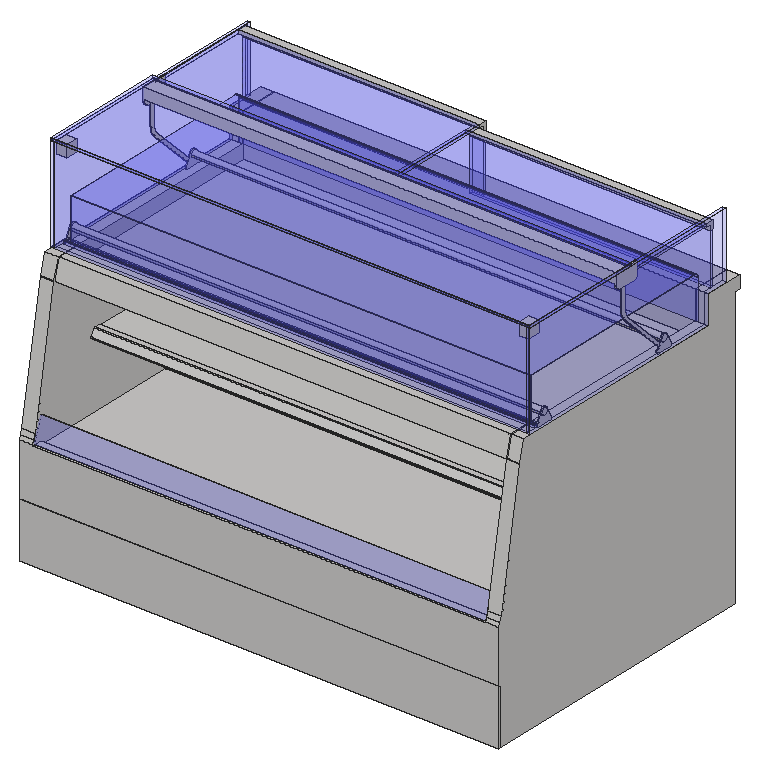
Revit family "Food-Service-Equipment_Oscartek_Gem_Combi-1500Rt_cat", category Specialty Equipment, Revit 2026 (continued)
Automatic sketch dimensions
  Split face 97 sketch curve to Split face 97 sketch curve = 0.33675"  (x2)
  Split face 97 sketch curve to Split face 97 sketch curve = 0.01365"
  Split face 97 sketch curve to Extrusion 2 = 5.77922"
  Split face 97 sketch curve to Split face 97 sketch curve = 0.05071"
  Split face 97 sketch curve to Split face 97 sketch curve = 0.4014"
  Split face 97 sketch curve to Split face 97 sketch curve = 0.8706"
  Split face 97 sketch curve to Split face 97 sketch curve = 0.38203"
  Split face 97 sketch curve to Split face 97 sketch curve = 0.01937"
  Split face 98 sketch curve to Extrusion 2 = 3.28595"
  Split face 98 sketch curve to Split face 98 sketch curve = 0"
  Split face 98 sketch curve to Split face 98 sketch curve = 0.05555"
  Split face 98 sketch curve to Split face 98 sketch curve = 0.09841"  (x2)
  Split face 98 sketch curve to Split face 98 sketch curve = 0.06735"  (x2)
  Split face 98 sketch curve to Split face 98 sketch curve = 0.33675"  (x2)
  Split face 98 sketch curve to Split face 98 sketch curve = 0.01365"
  Split face 98 sketch curve to Extrusion 2 = 5.77922"
  Split face 98 sketch curve to Split face 98 sketch curve = 0.05071"
  Split face 98 sketch curve to Split face 98 sketch curve = 0.4014"
  Split face 98 sketch curve to Split face 98 sketch curve = 0.8706"
  Split face 98 sketch curve to Split face 98 sketch curve = 0.38203"
  Split face 98 sketch curve to Split face 98 sketch curve = 0.01937"
  Split face 99 sketch curve to Extrusion 2 = 2.28595"
  Split face 99 sketch curve to Split face 99 sketch curve = 0"
  Split face 99 sketch curve to Split face 99 sketch curve = 0.05555"
  Split face 99 sketch curve to Split face 99 sketch curve = 0.09841"  (x2)
  Split face 99 sketch curve to Split face 99 sketch curve = 0.06735"  (x2)
  Split face 99 sketch curve to Split face 99 sketch curve = 0.33675"  (x2)
  Split face 99 sketch curve to Split face 99 sketch curve = 0.01365"
  Split face 99 sketch curve to Extrusion 2 = 5.77922"
  Split face 99 sketch curve to Split face 99 sketch curve = 0.05071"
  Split face 99 sketch curve to Split face 99 sketch curve = 0.4014"
  Split face 99 sketch curve to Split face 99 sketch curve = 0.8706"
  Split face 99 sketch curve to Split face 99 sketch curve = 0.38203"
  Split face 99 sketch curve to Split face 99 sketch curve = 0.01937"
  Split face 100 sketch curve to Extrusion 2 = 1.28595"
  Split face 100 sketch curve to Split face 100 sketch curve = 0"
  Split face 100 sketch curve to Split face 100 sketch curve = 0.05555"
  Split face 100 sketch curve to Split face 100 sketch curve = 0.09841"  (x2)
  Split face 100 sketch curve to Split face 100 sketch curve = 0.06735"  (x2)
  Split face 100 sketch curve to Split face 100 sketch curve = 0.33675"  (x2)
  Split face 100 sketch curve to Split face 100 sketch curve = 0.01365"
  Split face 100 sketch curve to Extrusion 2 = 5.77922"
  Split face 100 sketch curve to Split face 100 sketch curve = 0.05071"
  Split face 100 sketch curve to Split face 100 sketch curve = 0.4014"
  Split face 100 sketch curve to Split face 100 sketch curve = 0.8706"
  Split face 100 sketch curve to Split face 100 sketch curve = 0.38203"
  Split face 100 sketch curve to Split face 100 sketch curve = 0.01937"
  Split face 101 sketch curve to Extrusion 2 = 0.28595"  (x2)
  Split face 101 sketch curve to Extrusion 2 = 0.3415"
  Split face 101 sketch curve to Split face 101 sketch curve = 0.09841"  (x2)
  Split face 101 sketch curve to Split face 101 sketch curve = 0.06735"  (x2)
  Split face 101 sketch curve to Split face 101 sketch curve = 0.33675"  (x2)
  Split face 101 sketch curve to Split face 101 sketch curve = 0.01365"
  Split face 101 sketch curve to Extrusion 2 = 5.77922"
  Split face 101 sketch curve to Split face 101 sketch curve = 0.05071"
  Split face 101 sketch curve to Split face 101 sketch curve = 0.4014"
  Split face 101 sketch curve to Split face 101 sketch curve = 0.8706"
  Split face 101 sketch curve to Split face 101 sketch curve = 0.38203"
  Split face 101 sketch curve to Split face 101 sketch curve = 0.01937"
  Split face 102 sketch curve to Extrusion 2 = 2.98027"
  Split face 102 sketch curve to Extrusion 2 = 9.28595"
  Split face 102 sketch curve to Split face 102 sketch curve = 0"
  Split face 102 sketch curve to Split face 102 sketch curve = 0.05555"
  Split face 102 sketch curve to Split face 102 sketch curve = 0.09841"  (x2)
  Split face 102 sketch curve to Extrusion 2 = 3.47851"
  Split face 102 sketch curve to Split face 102 sketch curve = 0.06735"  (x2)
  Split face 102 sketch curve to Extrusion 2 = 1.61143"
  Split face 102 sketch curve to Extrusion 2 = 3.07711"
  Split face 102 sketch curve to Split face 102 sketch curve = 0.33675"
  Split face 102 sketch curve to Extrusion 2 = 2.01283"
  Split face 102 sketch curve to Split face 102 sketch curve = 0.01365"
  Split face 102 sketch curve to Split face 102 sketch curve = 0.05071"
  Split face 102 sketch curve to Split face 102 sketch curve = 0.01937"
  Split face 103 sketch curve to Extrusion 2 = 2.98027"
  Split face 103 sketch curve to Extrusion 2 = 8.28595"
  Split face 103 sketch curve to Split face 103 sketch curve = 0"
  Split face 103 sketch curve to Split face 103 sketch curve = 0.05555"
  Split face 103 sketch curve to Split face 103 sketch curve = 0.09841"  (x2)
  Split face 103 sketch curve to Extrusion 2 = 3.47851"
  Split face 103 sketch curve to Split face 103 sketch curve = 0.06735"  (x2)
  Split face 103 sketch curve to Extrusion 2 = 1.61143"
  Split face 103 sketch curve to Extrusion 2 = 3.07711"
  Split face 103 sketch curve to Split face 103 sketch curve = 0.33675"
  Split face 103 sketch curve to Extrusion 2 = 2.01283"
  Split face 103 sketch curve to Split face 103 sketch curve = 0.01365"
  Split face 103 sketch curve to Split face 103 sketch curve = 0.05071"
  Split face 103 sketch curve to Split face 103 sketch curve = 0.01937"
  Split face 104 sketch curve to Extrusion 2 = 2.98027"
  Split face 104 sketch curve to Extrusion 2 = 7.28595"
  Split face 104 sketch curve to Split face 104 sketch curve = 0"
  Split face 104 sketch curve to Split face 104 sketch curve = 0.05555"
  Split face 104 sketch curve to Split face 104 sketch curve = 0.09841"  (x2)
  Split face 104 sketch curve to Extrusion 2 = 3.47851"
  Split face 104 sketch curve to Split face 104 sketch curve = 0.06735"  (x2)
  Split face 104 sketch curve to Extrusion 2 = 1.61143"
  Split face 104 sketch curve to Extrusion 2 = 3.07711"
  Split face 104 sketch curve to Split face 104 sketch curve = 0.33675"
  Split face 104 sketch curve to Extrusion 2 = 2.01283"
  Split face 104 sketch curve to Split face 104 sketch curve = 0.01365"
  Split face 104 sketch curve to Split face 104 sketch curve = 0.05071"
  Split face 104 sketch curve to Split face 104 sketch curve = 0.01937"
  Split face 105 sketch curve to Extrusion 2 = 2.98027"
  Split face 105 sketch curve to Extrusion 2 = 6.28595"
  Split face 105 sketch curve to Split face 105 sketch curve = 0"
  Split face 105 sketch curve to Split face 105 sketch curve = 0.05555"
  Split face 105 sketch curve to Split face 105 sketch curve = 0.09841"  (x2)
  Split face 105 sketch curve to Split face 105 sketch curve = 0.06735"  (x2)
  Split face 105 sketch curve to Extrusion 2 = 1.61143"
  Split face 105 sketch curve to Extrusion 2 = 3.07711"
  Split face 105 sketch curve to Split face 105 sketch curve = 0.33675"
  Split face 105 sketch curve to Extrusion 2 = 2.01283"
  Split face 105 sketch curve to Split face 105 sketch curve = 0.01365"
  Split face 105 sketch curve to Split face 105 sketch curve = 0.38203"
  Split face 105 sketch curve to Split face 105 sketch curve = 0.01937"  (x2)
  Split face 106 sketch curve to Extrusion 2 = 5.28595"
  Split face 106 sketch curve to Split face 106 sketch curve = 0"
  Split face 106 sketch curve to Split face 106 sketch curve = 0.05555"
  Split face 106 sketch curve to Split face 106 sketch curve = 0.09841"  (x2)
  Split face 106 sketch curve to Split face 106 sketch curve = 0.06735"  (x2)
  Split face 106 sketch curve to Extrusion 2 = 1.61143"
  Split face 106 sketch curve to Extrusion 2 = 3.07711"
  Split face 106 sketch curve to Split face 106 sketch curve = 0.33675"  (x2)
  Split face 106 sketch curve to Extrusion 2 = 2.01283"
  Split face 106 sketch curve to Split face 106 sketch curve = 0.01365"
  Split face 106 sketch curve to Split face 106 sketch curve = 0.38203"
  Split face 106 sketch curve to Split face 106 sketch curve = 0.01937"  (x2)
  Split face 107 sketch curve to Extrusion 2 = 4.28595"
  Split face 107 sketch curve to Split face 107 sketch curve = 0"
  Split face 107 sketch curve to Split face 107 sketch curve = 0.05555"
  Split face 107 sketch curve to Split face 107 sketch curve = 0.09841"  (x2)
  Split face 107 sketch curve to Split face 107 sketch curve = 0.06735"  (x2)
  Split face 107 sketch curve to Extrusion 2 = 1.61143"
  Split face 107 sketch curve to Extrusion 2 = 3.07711"
  Split face 107 sketch curve to Split face 107 sketch curve = 0.33675"  (x2)
  Split face 107 sketch curve to Extrusion 2 = 2.01283"
  Split face 107 sketch curve to Split face 107 sketch curve = 0.01365"
  Split face 107 sketch curve to Split face 107 sketch curve = 0.38203"
  Split face 107 sketch curve to Split face 107 sketch curve = 0.01937"  (x2)
  Split face 108 sketch curve to Extrusion 2 = 3.28595"
  Split face 108 sketch curve to Split face 108 sketch curve = 0"
  Split face 108 sketch curve to Split face 108 sketch curve = 0.05555"
  Split face 108 sketch curve to Split face 108 sketch curve = 0.09841"  (x2)
  Split face 108 sketch curve to Split face 108 sketch curve = 0.06735"  (x2)
  Split face 108 sketch curve to Extrusion 2 = 1.61143"
  Split face 108 sketch curve to Split face 108 sketch curve = 0.33675"  (x2)
  Split face 108 sketch curve to Extrusion 2 = 2.01283"
  Split face 108 sketch curve to Split face 108 sketch curve = 0.01365"
  Split face 108 sketch curve to Split face 108 sketch curve = 0.8706"
  Split face 108 sketch curve to Split face 108 sketch curve = 0.38203"
  Split face 108 sketch curve to Split face 108 sketch curve = 0.01937"  (x2)
  Split face 109 sketch curve to Extrusion 2 = 2.28595"
  Split face 109 sketch curve to Split face 109 sketch curve = 0"
  Split face 109 sketch curve to Split face 109 sketch curve = 0.05555"
  Split face 109 sketch curve to Split face 109 sketch curve = 0.09841"  (x2)
  Split face 109 sketch curve to Split face 109 sketch curve = 0.06735"  (x2)
  Split face 109 sketch curve to Extrusion 2 = 1.61143"
  Split face 109 sketch curve to Split face 109 sketch curve = 0.33675"  (x2)
  Split face 109 sketch curve to Extrusion 2 = 2.01283"
  Split face 109 sketch curve to Split face 109 sketch curve = 0.01365"
  Split face 109 sketch curve to Split face 109 sketch curve = 0.8706"
  Split face 109 sketch curve to Split face 109 sketch curve = 0.38203"
  Split face 109 sketch curve to Split face 109 sketch curve = 0.01937"  (x2)
  Split face 110 sketch curve to Extrusion 2 = 1.28595"
  Split face 110 sketch curve to Split face 110 sketch curve = 0"
  Split face 110 sketch curve to Split face 110 sketch curve = 0.05555"
  Split face 110 sketch curve to Split face 110 sketch curve = 0.09841"  (x2)
  Split face 110 sketch curve to Split face 110 sketch curve = 0.06735"  (x2)
  Split face 110 sketch curve to Split face 110 sketch curve = 0.33675"  (x2)
  Split face 110 sketch curve to Split face 110 sketch curve = 0.01365"
  Split face 110 sketch curve to Extrusion 2 = 3.52922"
  Split face 110 sketch curve to Split face 110 sketch curve = 0.05071"
  Split face 110 sketch curve to Split face 110 sketch curve = 0.4014"
  Split face 110 sketch curve to Split face 110 sketch curve = 0.8706"
  Split face 110 sketch curve to Split face 110 sketch curve = 0.38203"
  Split face 110 sketch curve to Split face 110 sketch curve = 0.01937"
  Split face 111 sketch curve to Extrusion 2 = 0.28595"  (x2)
  Split face 111 sketch curve to Extrusion 2 = 0.3415"
  Split face 111 sketch curve to Split face 111 sketch curve = 0.09841"  (x2)
  Split face 111 sketch curve to Split face 111 sketch curve = 0.06735"  (x2)
  Split face 111 sketch curve to Split face 111 sketch curve = 0.33675"  (x2)
  Split face 111 sketch curve to Split face 111 sketch curve = 0.01365"
  Split face 111 sketch curve to Extrusion 2 = 3.52922"
  Split face 111 sketch curve to Split face 111 sketch curve = 0.05071"
  Split face 111 sketch curve to Split face 111 sketch curve = 0.4014"
  Split face 111 sketch curve to Split face 111 sketch curve = 0.8706"
  Split face 111 sketch curve to Split face 111 sketch curve = 0.38203"
  Split face 111 sketch curve to Split face 111 sketch curve = 0.01937"
  Split face 112 sketch curve to Extrusion 2 = 10.28595"
  Split face 112 sketch curve to Split face 112 sketch curve = 0"
  Split face 112 sketch curve to Split face 112 sketch curve = 0.05555"
  Split face 112 sketch curve to Split face 112 sketch curve = 0.09841"  (x2)
  Split face 112 sketch curve to Split face 112 sketch curve = 0.06735"  (x2)
  Split face 112 sketch curve to Split face 112 sketch curve = 0.33675"  (x2)
  Split face 112 sketch curve to Split face 112 sketch curve = 0.01365"
  Split face 112 sketch curve to Extrusion 2 = 12.52922"
  Split face 112 sketch curve to Split face 112 sketch curve = 0.05071"
  Split face 112 sketch curve to Split face 112 sketch curve = 0.4014"
  Split face 112 sketch curve to Split face 112 sketch curve = 0.8706"
  Split face 112 sketch curve to Split face 112 sketch curve = 0.38203"
  Split face 112 sketch curve to Split face 112 sketch curve = 0.01937"
  Split face 113 sketch curve to Extrusion 2 = 10.28595"
  Split face 113 sketch curve to Split face 113 sketch curve = 0"
  Split face 113 sketch curve to Split face 113 sketch curve = 0.05555"
  Split face 113 sketch curve to Split face 113 sketch curve = 0.09841"  (x2)
  Split face 113 sketch curve to Split face 113 sketch curve = 0.06735"  (x2)
  Split face 113 sketch curve to Extrusion 2 = 8.36143"
  Split face 113 sketch curve to Split face 113 sketch curve = 0.33675"  (x2)
  Split face 113 sketch curve to Extrusion 2 = 8.76283"
  Split face 113 sketch curve to Split face 113 sketch curve = 0.01365"
  Split face 113 sketch curve to Split face 113 sketch curve = 0.8706"
  Split face 113 sketch curve to Split face 113 sketch curve = 0.38203"
  Split face 113 sketch curve to Split face 113 sketch curve = 0.01937"  (x2)
  Split face 114 sketch curve to Extrusion 2 = 10.28595"
  Split face 114 sketch curve to Split face 114 sketch curve = 0"
  Split face 114 sketch curve to Split face 114 sketch curve = 0.05555"
  Split face 114 sketch curve to Split face 114 sketch curve = 0.09841"  (x2)
  Split face 114 sketch curve to Split face 114 sketch curve = 0.06735"  (x2)
  Split face 114 sketch curve to Extrusion 2 = 6.11143"
  Split face 114 sketch curve to Split face 114 sketch curve = 0.33675"  (x2)
  Split face 114 sketch curve to Extrusion 2 = 6.51283"
  Split face 114 sketch curve to Split face 114 sketch curve = 0.01365"
  Split face 114 sketch curve to Split face 114 sketch curve = 0.8706"
  Split face 114 sketch curve to Split face 114 sketch curve = 0.38203"
  Split face 114 sketch curve to Split face 114 sketch curve = 0.01937"  (x2)
  Split face 115 sketch curve to Extrusion 2 = 10.28595"
  Split face 115 sketch curve to Split face 115 sketch curve = 0"
  Split face 115 sketch curve to Split face 115 sketch curve = 0.05555"
  Split face 115 sketch curve to Split face 115 sketch curve = 0.09841"  (x2)
  Split face 115 sketch curve to Split face 115 sketch curve = 0.06735"  (x2)
  Split face 115 sketch curve to Extrusion 2 = 3.86143"
  Split face 115 sketch curve to Extrusion 2 = 5.32711"
  Split face 115 sketch curve to Split face 115 sketch curve = 0.33675"  (x2)
  Split face 115 sketch curve to Extrusion 2 = 4.26283"
  Split face 115 sketch curve to Split face 115 sketch curve = 0.01365"
  Split face 115 sketch curve to Split face 115 sketch curve = 0.38203"
  Split face 115 sketch curve to Split face 115 sketch curve = 0.01937"  (x2)
  Split face 116 sketch curve to Extrusion 2 = 2.98027"
  Split face 116 sketch curve to Extrusion 2 = 10.28595"
  Split face 116 sketch curve to Split face 116 sketch curve = 0"
  Split face 116 sketch curve to Split face 116 sketch curve = 0.05555"
  Split face 116 sketch curve to Split face 116 sketch curve = 0.09841"  (x2)
  Split face 116 sketch curve to Extrusion 2 = 3.47851"
  Split face 116 sketch curve to Split face 116 sketch curve = 0.06735"  (x2)
  Split face 116 sketch curve to Extrusion 2 = 1.61143"
  Split face 116 sketch curve to Extrusion 2 = 3.07711"
  Split face 116 sketch curve to Split face 116 sketch curve = 0.33675"
  Split face 116 sketch curve to Extrusion 2 = 2.01283"
  Split face 116 sketch curve to Split face 116 sketch curve = 0.01365"
  Split face 116 sketch curve to Split face 116 sketch curve = 0.05071"
  Split face 116 sketch curve to Split face 116 sketch curve = 0.01937"
  Split face 117 sketch curve to Extrusion 23 = 0.20857"
  Split face 117 sketch curve to Extrusion 23 = 0.31493"
  Split face 117 sketch curve to Extrusion 23 = 5.24408"
  Split face 117 sketch curve to Split face 117 sketch curve = 2.07896"
  Split face 118 sketch curve to Extrusion 23 = 0.66898"
  Split face 118 sketch curve to Extrusion 23 = 0.31493"
  Split face 118 sketch curve to Extrusion 23 = 4.99212"
  Split face 118 sketch curve to Split face 118 sketch curve = 0.52756"
  Split face 119 sketch curve to Extrusion 23 = 0.2086"
  Split face 119 sketch curve to Split face 119 sketch curve = 0.35467"
  Split face 119 sketch curve to Extrusion 23 = 4.99212"
  Split face 119 sketch curve to Split face 119 sketch curve = 0.52756"
  Split face 120 sketch curve to Extrusion 23 = 0.66898"
  Split face 120 sketch curve to Extrusion 23 = 0.31493"
  Split face 120 sketch curve to Extrusion 23 = 4.38188"
  Split face 120 sketch curve to Split face 120 sketch curve = 0.52756"
  Split face 121 sketch curve to Extrusion 23 = 0.2086"
  Split face 121 sketch curve to Split face 121 sketch curve = 0.35467"
  Split face 121 sketch curve to Extrusion 23 = 4.38188"
  Split face 121 sketch curve to Split face 121 sketch curve = 0.52756"
  Split face 122 sketch curve to Extrusion 23 = 0.66898"
  Split face 122 sketch curve to Extrusion 23 = 0.31493"
  Split face 122 sketch curve to Extrusion 23 = 3.77165"
  Split face 122 sketch curve to Split face 122 sketch curve = 0.52756"
  Split face 123 sketch curve to Extrusion 23 = 0.2086"
  Split face 123 sketch curve to Split face 123 sketch curve = 0.35467"
  Split face 123 sketch curve to Extrusion 23 = 3.77165"
  Split face 123 sketch curve to Split face 123 sketch curve = 0.52756"
  Split face 124 sketch curve to Extrusion 23 = 0.66898"
  Split face 124 sketch curve to Extrusion 23 = 0.31493"
  Split face 124 sketch curve to Extrusion 23 = 3.16141"
  Split face 124 sketch curve to Split face 124 sketch curve = 0.52756"
  Split face 125 sketch curve to Extrusion 23 = 0.2086"
  Split face 125 sketch curve to Split face 125 sketch curve = 0.35467"
  Split face 125 sketch curve to Extrusion 23 = 3.16141"
  Split face 125 sketch curve to Split face 125 sketch curve = 0.52756"
  Extrusion 4 to Extrusion 36 sketch curve = 0"  (x2)
  Extrusion 36 sketch curve to Extrusion 4 = 0"  (x2)
  Extrusion 36 sketch curve to Extrusion 4 = 1/8"
  Extrusion 4 to Extrusion 36 sketch curve = 5 7/16"
  Extrusion 37 sketch curve to Extrusion 1 = 0"
  Extrusion 1 to Extrusion 37 sketch curve = 0"
  Extrusion 37 sketch curve to Extrusion 1 = 7.52268"
  Extrusion 37 sketch curve to Extrusion 1 = 1/8"
  Extrusion 1 to Extrusion 37 sketch curve = 5 7/16"
  Extrusion 37 sketch curve to Extrusion 1 = 1.41361"
  Extrusion 41 sketch curve to plane 5 "FRONT" = 0"
  Extrusion 41 sketch curve to plane 13 = 0"
  plane 11 to Extrusion 41 sketch curve = 0"
  Extrusion 41 sketch curve to plane 12 = 0"
  Extrusion 41 sketch curve to plane 5 "FRONT" = 1.16051"
  Extrusion 41 sketch curve to plane 5 "FRONT" = 7.52268"
  plane 8 "Center X" to Extrusion 41 sketch curve = 1.89718"
  Extrusion 41 sketch curve to plane 13 = 7/16"
  Split face 126 sketch curve to Extrusion 33 = 1.4422"
  Split face 126 sketch curve to Split face 126 sketch curve = 0"
  Split face 126 sketch curve to Split face 126 sketch curve = 0.05555"
  Split face 126 sketch curve to Split face 126 sketch curve = 0.09841"  (x2)
  Split face 126 sketch curve to Split face 126 sketch curve = 0.06735"  (x2)
  Split face 126 sketch curve to Split face 126 sketch curve = 0.33675"  (x2)
  Split face 126 sketch curve to Split face 126 sketch curve = 0.01365"
  Split face 126 sketch curve to Extrusion 33 = 10.328"
  Split face 126 sketch curve to Split face 126 sketch curve = 0.05071"
  Split face 126 sketch curve to Split face 126 sketch curve = 0.4014"
  Split face 126 sketch curve to Split face 126 sketch curve = 0.8706"
  Split face 126 sketch curve to Split face 126 sketch curve = 0.38203"
  Split face 126 sketch curve to Split face 126 sketch curve = 0.01937"
  Split face 127 sketch curve to Extrusion 33 = 2.4422"
  Split face 127 sketch curve to Split face 127 sketch curve = 0"
  Split face 127 sketch curve to Split face 127 sketch curve = 0.05555"
  Split face 127 sketch curve to Split face 127 sketch curve = 0.09841"  (x2)
  Split face 127 sketch curve to Split face 127 sketch curve = 0.06735"  (x2)
  Split face 127 sketch curve to Split face 127 sketch curve = 0.33675"  (x2)
  Split face 127 sketch curve to Split face 127 sketch curve = 0.01365"
  Split face 127 sketch curve to Extrusion 33 = 10.328"
  Split face 127 sketch curve to Split face 127 sketch curve = 0.05071"
  Split face 127 sketch curve to Split face 127 sketch curve = 0.4014"
  Split face 127 sketch curve to Split face 127 sketch curve = 0.8706"
  Split face 127 sketch curve to Split face 127 sketch curve = 0.38203"
  Split face 127 sketch curve to Split face 127 sketch curve = 0.01937"
  Split face 128 sketch curve to Extrusion 33 = 0.4422"  (x2)
  Split face 128 sketch curve to Extrusion 33 = 0.49775"
  Split face 128 sketch curve to Split face 128 sketch curve = 0.09841"  (x2)
  Split face 128 sketch curve to Split face 128 sketch curve = 0.06735"  (x2)
  Split face 128 sketch curve to Split face 128 sketch curve = 0.33675"  (x2)
  Split face 128 sketch curve to Split face 128 sketch curve = 0.01365"
  Split face 128 sketch curve to Extrusion 33 = 10.328"
  Split face 128 sketch curve to Split face 128 sketch curve = 0.05071"
  Split face 128 sketch curve to Split face 128 sketch curve = 0.4014"
  Split face 128 sketch curve to Split face 128 sketch curve = 0.8706"
  Split face 128 sketch curve to Split face 128 sketch curve = 0.38203"
  Split face 128 sketch curve to Split face 128 sketch curve = 0.01937"
  Split face 129 sketch curve to Extrusion 33 = 1.4422"
  Split face 129 sketch curve to Split face 129 sketch curve = 0"
  Split face 129 sketch curve to Split face 129 sketch curve = 0.05555"
  Split face 129 sketch curve to Split face 129 sketch curve = 0.09841"  (x2)
  Split face 129 sketch curve to Split face 129 sketch curve = 0.06735"  (x2)
  Split face 129 sketch curve to Split face 129 sketch curve = 0.33675"  (x2)
  Split face 129 sketch curve to Split face 129 sketch curve = 0.01365"
  Split face 129 sketch curve to Extrusion 33 = 12.578"
  Split face 129 sketch curve to Split face 129 sketch curve = 0.05071"
  Split face 129 sketch curve to Split face 129 sketch curve = 0.4014"
  Split face 129 sketch curve to Split face 129 sketch curve = 0.8706"
  Split face 129 sketch curve to Split face 129 sketch curve = 0.38203"
  Split face 129 sketch curve to Split face 129 sketch curve = 0.01937"
  Split face 130 sketch curve to Extrusion 33 = 2.4422"
  Split face 130 sketch curve to Split face 130 sketch curve = 0"
  Split face 130 sketch curve to Split face 130 sketch curve = 0.05555"
  Split face 130 sketch curve to Split face 130 sketch curve = 0.09841"  (x2)
  Split face 130 sketch curve to Split face 130 sketch curve = 0.06735"  (x2)
  Split face 130 sketch curve to Split face 130 sketch curve = 0.33675"  (x2)
  Split face 130 sketch curve to Split face 130 sketch curve = 0.01365"
  Split face 130 sketch curve to Extrusion 33 = 12.578"
  Split face 130 sketch curve to Split face 130 sketch curve = 0.05071"
  Split face 130 sketch curve to Split face 130 sketch curve = 0.4014"
  Split face 130 sketch curve to Split face 130 sketch curve = 0.8706"
  Split face 130 sketch curve to Split face 130 sketch curve = 0.38203"
  Split face 130 sketch curve to Split face 130 sketch curve = 0.01937"
  Split face 131 sketch curve to Extrusion 33 = 0.4422"  (x2)
  Split face 131 sketch curve to Extrusion 33 = 0.49775"
  Split face 131 sketch curve to Split face 131 sketch curve = 0.09841"  (x2)
  Split face 131 sketch curve to Split face 131 sketch curve = 0.06735"  (x2)
  Split face 131 sketch curve to Split face 131 sketch curve = 0.33675"  (x2)
  Split face 131 sketch curve to Split face 131 sketch curve = 0.01365"
  Split face 131 sketch curve to Extrusion 33 = 12.578"
  Split face 131 sketch curve to Split face 131 sketch curve = 0.05071"
  Split face 131 sketch curve to Split face 131 sketch curve = 0.4014"
  Split face 131 sketch curve to Split face 131 sketch curve = 0.8706"
  Split face 131 sketch curve to Split face 131 sketch curve = 0.38203"
  Split face 131 sketch curve to Split face 131 sketch curve = 0.01937"
  Split face 132 sketch curve to Extrusion 33 = 1.4422"
  Split face 132 sketch curve to Split face 132 sketch curve = 0"
  Split face 132 sketch curve to Split face 132 sketch curve = 0.05555"
  Split face 132 sketch curve to Split face 132 sketch curve = 0.09841"  (x2)
  Split face 132 sketch curve to Split face 132 sketch curve = 0.06735"  (x2)
  Split face 132 sketch curve to Split face 132 sketch curve = 0.33675"  (x2)
  Split face 132 sketch curve to Split face 132 sketch curve = 0.01365"
  Split face 132 sketch curve to Extrusion 33 = 14.828"
  Split face 132 sketch curve to Split face 132 sketch curve = 0.05071"
  Split face 132 sketch curve to Split face 132 sketch curve = 0.4014"
  Split face 132 sketch curve to Split face 132 sketch curve = 0.8706"
  Split face 132 sketch curve to Split face 132 sketch curve = 0.38203"
  Split face 132 sketch curve to Split face 132 sketch curve = 0.01937"
  Split face 133 sketch curve to Extrusion 33 = 2.4422"
  Split face 133 sketch curve to Split face 133 sketch curve = 0"
  Split face 133 sketch curve to Split face 133 sketch curve = 0.05555"
  Split face 133 sketch curve to Split face 133 sketch curve = 0.09841"  (x2)
  Split face 133 sketch curve to Split face 133 sketch curve = 0.06735"  (x2)
  Split face 133 sketch curve to Split face 133 sketch curve = 0.33675"  (x2)
  Split face 133 sketch curve to Split face 133 sketch curve = 0.01365"
  Split face 133 sketch curve to Extrusion 33 = 14.828"
  Split face 133 sketch curve to Split face 133 sketch curve = 0.05071"
  Split face 133 sketch curve to Split face 133 sketch curve = 0.4014"
  Split face 133 sketch curve to Split face 133 sketch curve = 0.8706"
  Split face 133 sketch curve to Split face 133 sketch curve = 0.38203"
  Split face 133 sketch curve to Split face 133 sketch curve = 0.01937"
  Split face 134 sketch curve to Extrusion 33 = 0.4422"  (x2)
  Split face 134 sketch curve to Extrusion 33 = 0.49775"
  Split face 134 sketch curve to Split face 134 sketch curve = 0.09841"  (x2)
  Split face 134 sketch curve to Split face 134 sketch curve = 0.06735"  (x2)
  Split face 134 sketch curve to Split face 134 sketch curve = 0.33675"  (x2)
  Split face 134 sketch curve to Split face 134 sketch curve = 0.01365"
  Split face 134 sketch curve to Extrusion 33 = 14.828"
  Split face 134 sketch curve to Split face 134 sketch curve = 0.05071"
  Split face 134 sketch curve to Split face 134 sketch curve = 0.4014"
  Split face 134 sketch curve to Split face 134 sketch curve = 0.8706"
  Split face 134 sketch curve to Split face 134 sketch curve = 0.38203"
  Split face 134 sketch curve to Split face 134 sketch curve = 0.01937"
  Split face 135 sketch curve to Extrusion 33 = 1.4422"
  Split face 135 sketch curve to Split face 135 sketch curve = 0"
  Split face 135 sketch curve to Split face 135 sketch curve = 0.05555"
  Split face 135 sketch curve to Split face 135 sketch curve = 0.09841"  (x2)
  Split face 135 sketch curve to Split face 135 sketch curve = 0.06735"  (x2)
  Split face 135 sketch curve to Split face 135 sketch curve = 0.33675"  (x2)
  Split face 135 sketch curve to Split face 135 sketch curve = 0.01365"
  Split face 135 sketch curve to Extrusion 33 = 17.078"
  Split face 135 sketch curve to Split face 135 sketch curve = 0.05071"
  Split face 135 sketch curve to Split face 135 sketch curve = 0.4014"
  Split face 135 sketch curve to Split face 135 sketch curve = 0.8706"
  Split face 135 sketch curve to Split face 135 sketch curve = 0.38203"
  Split face 135 sketch curve to Split face 135 sketch curve = 0.01937"
  Split face 136 sketch curve to Extrusion 33 = 2.4422"
  Split face 136 sketch curve to Split face 136 sketch curve = 0"
  Split face 136 sketch curve to Split face 136 sketch curve = 0.05555"
  Split face 136 sketch curve to Split face 136 sketch curve = 0.09841"  (x2)
  Split face 136 sketch curve to Split face 136 sketch curve = 0.06735"  (x2)
  Split face 136 sketch curve to Split face 136 sketch curve = 0.33675"  (x2)
  Split face 136 sketch curve to Split face 136 sketch curve = 0.01365"
  Split face 136 sketch curve to Extrusion 33 = 17.078"
  Split face 136 sketch curve to Split face 136 sketch curve = 0.05071"
  Split face 136 sketch curve to Split face 136 sketch curve = 0.4014"
  Split face 136 sketch curve to Split face 136 sketch curve = 0.8706"
  Split face 136 sketch curve to Split face 136 sketch curve = 0.38203"
  Split face 136 sketch curve to Split face 136 sketch curve = 0.01937"
  Split face 137 sketch curve to Extrusion 33 = 0.4422"  (x2)
  Split face 137 sketch curve to Extrusion 33 = 0.49775"
  Split face 137 sketch curve to Split face 137 sketch curve = 0.09841"  (x2)
  Split face 137 sketch curve to Split face 137 sketch curve = 0.06735"  (x2)
  Split face 137 sketch curve to Split face 137 sketch curve = 0.33675"  (x2)
  Split face 137 sketch curve to Split face 137 sketch curve = 0.01365"
  Split face 137 sketch curve to Extrusion 33 = 17.078"
  Split face 137 sketch curve to Split face 137 sketch curve = 0.05071"
  Split face 137 sketch curve to Split face 137 sketch curve = 0.4014"
  Split face 137 sketch curve to Split face 137 sketch curve = 0.8706"
  Split face 137 sketch curve to Split face 137 sketch curve = 0.38203"
  Split face 137 sketch curve to Split face 137 sketch curve = 0.01937"
  Split face 138 sketch curve to Extrusion 33 = 1.4422"
  Split face 138 sketch curve to Split face 138 sketch curve = 0"
  Split face 138 sketch curve to Split face 138 sketch curve = 0.05555"
  Split face 138 sketch curve to Split face 138 sketch curve = 0.09841"  (x2)
  Split face 138 sketch curve to Split face 138 sketch curve = 0.06735"  (x2)
  Split face 138 sketch curve to Split face 138 sketch curve = 0.33675"  (x2)
  Split face 138 sketch curve to Split face 138 sketch curve = 0.01365"
  Split face 138 sketch curve to Extrusion 33 = 19.328"
  Split face 138 sketch curve to Split face 138 sketch curve = 0.05071"
  Split face 138 sketch curve to Split face 138 sketch curve = 0.4014"
  Split face 138 sketch curve to Split face 138 sketch curve = 0.8706"
  Split face 138 sketch curve to Split face 138 sketch curve = 0.38203"
  Split face 138 sketch curve to Split face 138 sketch curve = 0.01937"
  Split face 139 sketch curve to Extrusion 33 = 2.4422"
  Split face 139 sketch curve to Split face 139 sketch curve = 0"
  Split face 139 sketch curve to Split face 139 sketch curve = 0.05555"
  Split face 139 sketch curve to Split face 139 sketch curve = 0.09841"  (x2)
  Split face 139 sketch curve to Split face 139 sketch curve = 0.06735"  (x2)
  Split face 139 sketch curve to Split face 139 sketch curve = 0.33675"  (x2)
  Split face 139 sketch curve to Split face 139 sketch curve = 0.01365"
  Split face 139 sketch curve to Extrusion 33 = 19.328"
  Split face 139 sketch curve to Split face 139 sketch curve = 0.05071"
  Split face 139 sketch curve to Split face 139 sketch curve = 0.4014"
  Split face 139 sketch curve to Split face 139 sketch curve = 0.8706"
  Split face 139 sketch curve to Split face 139 sketch curve = 0.38203"
  Split face 139 sketch curve to Split face 139 sketch curve = 0.01937"
  Split face 140 sketch curve to Extrusion 33 = 0.4422"  (x2)
  Split face 140 sketch curve to Extrusion 33 = 0.49775"
  Split face 140 sketch curve to Split face 140 sketch curve = 0.09841"  (x2)
  Split face 140 sketch curve to Split face 140 sketch curve = 0.06735"  (x2)
  Split face 140 sketch curve to Split face 140 sketch curve = 0.33675"  (x2)
  Split face 140 sketch curve to Split face 140 sketch curve = 0.01365"
  Split face 140 sketch curve to Extrusion 33 = 19.328"
  Split face 140 sketch curve to Split face 140 sketch curve = 0.05071"
  Split face 140 sketch curve to Split face 140 sketch curve = 0.4014"
  Split face 140 sketch curve to Split face 140 sketch curve = 0.8706"
  Split face 140 sketch curve to Split face 140 sketch curve = 0.38203"
  Split face 140 sketch curve to Split face 140 sketch curve = 0.01937"
  Split face 141 sketch curve to Extrusion 2 = 9.28595"
  Split face 141 sketch curve to Split face 141 sketch curve = 0"
  Split face 141 sketch curve to Split face 141 sketch curve = 0.05555"
  Split face 141 sketch curve to Split face 141 sketch curve = 0.09841"  (x2)
  Split face 141 sketch curve to Split face 141 sketch curve = 0.06735"  (x2)
  Split face 141 sketch curve to Split face 141 sketch curve = 0.33675"  (x2)
  Split face 141 sketch curve to Split face 141 sketch curve = 0.01365"
  Split face 141 sketch curve to Extrusion 2 = 14.77922"
  Split face 141 sketch curve to Split face 141 sketch curve = 0.05071"
  Split face 141 sketch curve to Split face 141 sketch curve = 0.4014"
  Split face 141 sketch curve to Split face 141 sketch curve = 0.8706"
  Split face 141 sketch curve to Split face 141 sketch curve = 0.38203"
  Split face 141 sketch curve to Split face 141 sketch curve = 0.01937"
  Split face 142 sketch curve to Extrusion 2 = 8.28595"
  Split face 142 sketch curve to Split face 142 sketch curve = 0"
  Split face 142 sketch curve to Split face 142 sketch curve = 0.05555"
  Split face 142 sketch curve to Split face 142 sketch curve = 0.09841"  (x2)
  Split face 142 sketch curve to Split face 142 sketch curve = 0.06735"  (x2)
  Split face 142 sketch curve to Split face 142 sketch curve = 0.33675"  (x2)
  Split face 142 sketch curve to Split face 142 sketch curve = 0.01365"
  Split face 142 sketch curve to Extrusion 2 = 14.77922"
  Split face 142 sketch curve to Split face 142 sketch curve = 0.05071"
  Split face 142 sketch curve to Split face 142 sketch curve = 0.4014"
  Split face 142 sketch curve to Split face 142 sketch curve = 0.8706"
  Split face 142 sketch curve to Split face 142 sketch curve = 0.38203"
  Split face 142 sketch curve to Split face 142 sketch curve = 0.01937"
  Split face 143 sketch curve to Extrusion 2 = 7.28595"
  Split face 143 sketch curve to Split face 143 sketch curve = 0"
  Split face 143 sketch curve to Split face 143 sketch curve = 0.05555"
  Split face 143 sketch curve to Split face 143 sketch curve = 0.09841"  (x2)
  Split face 143 sketch curve to Split face 143 sketch curve = 0.06735"  (x2)
  Split face 143 sketch curve to Split face 143 sketch curve = 0.33675"  (x2)
  Split face 143 sketch curve to Split face 143 sketch curve = 0.01365"
  Split face 143 sketch curve to Extrusion 2 = 14.77922"
  Split face 143 sketch curve to Split face 143 sketch curve = 0.05071"
  Split face 143 sketch curve to Split face 143 sketch curve = 0.4014"
  Split face 143 sketch curve to Split face 143 sketch curve = 0.8706"
  Split face 143 sketch curve to Split face 143 sketch curve = 0.38203"
  Split face 143 sketch curve to Split face 143 sketch curve = 0.01937"
  Split face 144 sketch curve to Extrusion 2 = 6.28595"
  Split face 144 sketch curve to Split face 144 sketch curve = 0"
  Split face 144 sketch curve to Split face 144 sketch curve = 0.05555"
  Split face 144 sketch curve to Split face 144 sketch curve = 0.09841"  (x2)
  Split face 144 sketch curve to Split face 144 sketch curve = 0.06735"  (x2)
  Split face 144 sketch curve to Split face 144 sketch curve = 0.33675"  (x2)
  Split face 144 sketch curve to Split face 144 sketch curve = 0.01365"
  Split face 144 sketch curve to Extrusion 2 = 14.77922"
  Split face 144 sketch curve to Split face 144 sketch curve = 0.05071"
  Split face 144 sketch curve to Split face 144 sketch curve = 0.4014"
  Split face 144 sketch curve to Split face 144 sketch curve = 0.8706"
  Split face 144 sketch curve to Split face 144 sketch curve = 0.38203"
  Split face 144 sketch curve to Split face 144 sketch curve = 0.01937"
  Split face 145 sketch curve to Extrusion 2 = 5.28595"
  Split face 145 sketch curve to Split face 145 sketch curve = 0"
  Split face 145 sketch curve to Split face 145 sketch curve = 0.05555"
  Split face 145 sketch curve to Split face 145 sketch curve = 0.09841"  (x2)
  Split face 145 sketch curve to Split face 145 sketch curve = 0.06735"  (x2)
  Split face 145 sketch curve to Split face 145 sketch curve = 0.33675"  (x2)
  Split face 145 sketch curve to Split face 145 sketch curve = 0.01365"
  Split face 145 sketch curve to Extrusion 2 = 14.77922"
  Split face 145 sketch curve to Split face 145 sketch curve = 0.05071"
  Split face 145 sketch curve to Split face 145 sketch curve = 0.4014"
  Split face 145 sketch curve to Split face 145 sketch curve = 0.8706"
  Split face 145 sketch curve to Split face 145 sketch curve = 0.38203"
  Split face 145 sketch curve to Split face 145 sketch curve = 0.01937"
  Split face 146 sketch curve to Extrusion 2 = 4.28595"
  Split face 146 sketch curve to Split face 146 sketch curve = 0"
  Split face 146 sketch curve to Split face 146 sketch curve = 0.05555"
  Split face 146 sketch curve to Split face 146 sketch curve = 0.09841"  (x2)
  Split face 146 sketch curve to Split face 146 sketch curve = 0.06735"  (x2)
  Split face 146 sketch curve to Split face 146 sketch curve = 0.33675"  (x2)
  Split face 146 sketch curve to Split face 146 sketch curve = 0.01365"
  Split face 146 sketch curve to Extrusion 2 = 14.77922"
  Split face 146 sketch curve to Split face 146 sketch curve = 0.05071"
  Split face 146 sketch curve to Split face 146 sketch curve = 0.4014"
  Split face 146 sketch curve to Split face 146 sketch curve = 0.8706"
  Split face 146 sketch curve to Split face 146 sketch curve = 0.38203"
  Split face 146 sketch curve to Split face 146 sketch curve = 0.01937"
  Split face 147 sketch curve to Extrusion 2 = 3.28595"
  Split face 147 sketch curve to Split face 147 sketch curve = 0"
  Split face 147 sketch curve to Split face 147 sketch curve = 0.05555"
  Split face 147 sketch curve to Split face 147 sketch curve = 0.09841"  (x2)
  Split face 147 sketch curve to Split face 147 sketch curve = 0.06735"  (x2)
  Split face 147 sketch curve to Split face 147 sketch curve = 0.33675"  (x2)
  Split face 147 sketch curve to Split face 147 sketch curve = 0.01365"
  Split face 147 sketch curve to Extrusion 2 = 14.77922"
  Split face 147 sketch curve to Split face 147 sketch curve = 0.05071"
  Split face 147 sketch curve to Split face 147 sketch curve = 0.4014"
  Split face 147 sketch curve to Split face 147 sketch curve = 0.8706"
  Split face 147 sketch curve to Split face 147 sketch curve = 0.38203"
  Split face 147 sketch curve to Split face 147 sketch curve = 0.01937"
  Split face 148 sketch curve to Extrusion 2 = 2.28595"
  Split face 148 sketch curve to Split face 148 sketch curve = 0"
  Split face 148 sketch curve to Split face 148 sketch curve = 0.05555"
  Split face 148 sketch curve to Split face 148 sketch curve = 0.09841"  (x2)
  Split face 148 sketch curve to Split face 148 sketch curve = 0.06735"  (x2)
  Split face 148 sketch curve to Split face 148 sketch curve = 0.33675"  (x2)
  Split face 148 sketch curve to Split face 148 sketch curve = 0.01365"
  Split face 148 sketch curve to Extrusion 2 = 14.77922"
  Split face 148 sketch curve to Split face 148 sketch curve = 0.05071"
  Split face 148 sketch curve to Split face 148 sketch curve = 0.4014"
  Split face 148 sketch curve to Split face 148 sketch curve = 0.8706"
  Split face 148 sketch curve to Split face 148 sketch curve = 0.38203"
  Split face 148 sketch curve to Split face 148 sketch curve = 0.01937"
  Split face 149 sketch curve to Extrusion 2 = 1.28595"
  Split face 149 sketch curve to Split face 149 sketch curve = 0"
  Split face 149 sketch curve to Split face 149 sketch curve = 0.05555"
  Split face 149 sketch curve to Split face 149 sketch curve = 0.09841"  (x2)
  Split face 149 sketch curve to Split face 149 sketch curve = 0.06735"  (x2)
  Split face 149 sketch curve to Split face 149 sketch curve = 0.33675"  (x2)
  Split face 149 sketch curve to Split face 149 sketch curve = 0.01365"
  Split face 149 sketch curve to Extrusion 2 = 14.77922"
  Split face 149 sketch curve to Split face 149 sketch curve = 0.05071"
  Split face 149 sketch curve to Split face 149 sketch curve = 0.4014"
  Split face 149 sketch curve to Split face 149 sketch curve = 0.8706"
  Split face 149 sketch curve to Split face 149 sketch curve = 0.38203"
  Split face 149 sketch curve to Split face 149 sketch curve = 0.01937"
  Split face 150 sketch curve to Extrusion 2 = 0.28595"  (x2)
  Split face 150 sketch curve to Extrusion 2 = 0.3415"
  Split face 150 sketch curve to Split face 150 sketch curve = 0.09841"  (x2)
  Split face 150 sketch curve to Split face 150 sketch curve = 0.06735"  (x2)
  Split face 150 sketch curve to Split face 150 sketch curve = 0.33675"  (x2)
  Split face 150 sketch curve to Split face 150 sketch curve = 0.01365"
  Split face 150 sketch curve to Extrusion 2 = 14.77922"
  Split face 150 sketch curve to Split face 150 sketch curve = 0.05071"
  Split face 150 sketch curve to Split face 150 sketch curve = 0.4014"
  Split face 150 sketch curve to Split face 150 sketch curve = 0.8706"
  Split face 150 sketch curve to Split face 150 sketch curve = 0.38203"
  Split face 150 sketch curve to Split face 150 sketch curve = 0.01937"
  Split face 151 sketch curve to Extrusion 2 = 10.28595"
  Split face 151 sketch curve to Split face 151 sketch curve = 0"
  Split face 151 sketch curve to Split face 151 sketch curve = 0.05555"
  Split face 151 sketch curve to Split face 151 sketch curve = 0.09841"  (x2)
  Split face 151 sketch curve to Split face 151 sketch curve = 0.06735"  (x2)
  Split face 151 sketch curve to Split face 151 sketch curve = 0.33675"  (x2)
  Split face 151 sketch curve to Split face 151 sketch curve = 0.01365"
  Split face 151 sketch curve to Extrusion 2 = 14.77922"
  Split face 151 sketch curve to Split face 151 sketch curve = 0.05071"
  Split face 151 sketch curve to Split face 151 sketch curve = 0.4014"
  Split face 151 sketch curve to Split face 151 sketch curve = 0.8706"
  Split face 151 sketch curve to Split face 151 sketch curve = 0.38203"
  Split face 151 sketch curve to Split face 151 sketch curve = 0.01937"
  Split face 152 sketch curve to Extrusion 2 = 9.28595"
  Split face 152 sketch curve to Split face 152 sketch curve = 0"
  Split face 152 sketch curve to Split face 152 sketch curve = 0.05555"
  Split face 152 sketch curve to Split face 152 sketch curve = 0.09841"  (x2)
  Split face 152 sketch curve to Split face 152 sketch curve = 0.06735"  (x2)
  Split face 152 sketch curve to Split face 152 sketch curve = 0.33675"  (x2)
  Split face 152 sketch curve to Split face 152 sketch curve = 0.01365"
  Split face 152 sketch curve to Extrusion 2 = 8.19618"
  Split face 152 sketch curve to Split face 152 sketch curve = 0.05071"
  Split face 152 sketch curve to Split face 152 sketch curve = 0.4014"
  Split face 152 sketch curve to Split face 152 sketch curve = 0.8706"
  Split face 152 sketch curve to Split face 152 sketch curve = 0.38203"
  Split face 152 sketch curve to Split face 152 sketch curve = 0.01937"
  Split face 153 sketch curve to Extrusion 2 = 8.28595"
  Split face 153 sketch curve to Split face 153 sketch curve = 0"
  Split face 153 sketch curve to Split face 153 sketch curve = 0.05555"
  Split face 153 sketch curve to Split face 153 sketch curve = 0.09841"  (x2)
  Split face 153 sketch curve to Split face 153 sketch curve = 0.06735"  (x2)
  Split face 153 sketch curve to Split face 153 sketch curve = 0.33675"  (x2)
  Split face 153 sketch curve to Split face 153 sketch curve = 0.01365"
  Split face 153 sketch curve to Extrusion 2 = 8.19618"
  Split face 153 sketch curve to Split face 153 sketch curve = 0.05071"
  Split face 153 sketch curve to Split face 153 sketch curve = 0.4014"
  Split face 153 sketch curve to Split face 153 sketch curve = 0.8706"
  Split face 153 sketch curve to Split face 153 sketch curve = 0.38203"
  Split face 153 sketch curve to Split face 153 sketch curve = 0.01937"
  Split face 154 sketch curve to Extrusion 2 = 7.28595"
  Split face 154 sketch curve to Split face 154 sketch curve = 0"
  Split face 154 sketch curve to Split face 154 sketch curve = 0.05555"
  Split face 154 sketch curve to Split face 154 sketch curve = 0.09841"  (x2)
  Split face 154 sketch curve to Split face 154 sketch curve = 0.06735"  (x2)
  Split face 154 sketch curve to Split face 154 sketch curve = 0.33675"  (x2)
  Split face 154 sketch curve to Split face 154 sketch curve = 0.01365"
  Split face 154 sketch curve to Extrusion 2 = 8.19618"
  Split face 154 sketch curve to Split face 154 sketch curve = 0.05071"
  Split face 154 sketch curve to Split face 154 sketch curve = 0.4014"
  Split face 154 sketch curve to Split face 154 sketch curve = 0.8706"
  Split face 154 sketch curve to Split face 154 sketch curve = 0.38203"
  Split face 154 sketch curve to Split face 154 sketch curve = 0.01937"
  Split face 155 sketch curve to Extrusion 2 = 6.28595"
  Split face 155 sketch curve to Split face 155 sketch curve = 0"
  Split face 155 sketch curve to Split face 155 sketch curve = 0.05555"
  Split face 155 sketch curve to Split face 155 sketch curve = 0.09841"  (x2)
  Split face 155 sketch curve to Split face 155 sketch curve = 0.06735"  (x2)
  Split face 155 sketch curve to Split face 155 sketch curve = 0.33675"  (x2)
  Split face 155 sketch curve to Split face 155 sketch curve = 0.01365"
  Split face 155 sketch curve to Extrusion 2 = 8.19618"
  Split face 155 sketch curve to Split face 155 sketch curve = 0.05071"
  Split face 155 sketch curve to Split face 155 sketch curve = 0.4014"
  Split face 155 sketch curve to Split face 155 sketch curve = 0.8706"
  Split face 155 sketch curve to Split face 155 sketch curve = 0.38203"
  Split face 155 sketch curve to Split face 155 sketch curve = 0.01937"
  Split face 156 sketch curve to Extrusion 2 = 5.28595"
  Split face 156 sketch curve to Split face 156 sketch curve = 0"
  Split face 156 sketch curve to Split face 156 sketch curve = 0.05555"
  Split face 156 sketch curve to Split face 156 sketch curve = 0.09841"  (x2)
  Split face 156 sketch curve to Split face 156 sketch curve = 0.06735"  (x2)
  Split face 156 sketch curve to Split face 156 sketch curve = 0.33675"  (x2)
  Split face 156 sketch curve to Split face 156 sketch curve = 0.01365"
  Split face 156 sketch curve to Extrusion 2 = 8.19618"
  Split face 156 sketch curve to Split face 156 sketch curve = 0.05071"
  Split face 156 sketch curve to Split face 156 sketch curve = 0.4014"
  Split face 156 sketch curve to Split face 156 sketch curve = 0.8706"
  Split face 156 sketch curve to Split face 156 sketch curve = 0.38203"
  Split face 156 sketch curve to Split face 156 sketch curve = 0.01937"
  Split face 157 sketch curve to Extrusion 2 = 4.28595"
  Split face 157 sketch curve to Split face 157 sketch curve = 0"
  Split face 157 sketch curve to Split face 157 sketch curve = 0.05555"
  Split face 157 sketch curve to Split face 157 sketch curve = 0.09841"  (x2)
  Split face 157 sketch curve to Split face 157 sketch curve = 0.06735"  (x2)
  Split face 157 sketch curve to Split face 157 sketch curve = 0.33675"  (x2)
  Split face 157 sketch curve to Split face 157 sketch curve = 0.01365"
  Split face 157 sketch curve to Extrusion 2 = 8.19618"
  Split face 157 sketch curve to Split face 157 sketch curve = 0.05071"
  Split face 157 sketch curve to Split face 157 sketch curve = 0.4014"
  Split face 157 sketch curve to Split face 157 sketch curve = 0.8706"
  Split face 157 sketch curve to Split face 157 sketch curve = 0.38203"
  Split face 157 sketch curve to Split face 157 sketch curve = 0.01937"
  Split face 158 sketch curve to Extrusion 2 = 3.28595"
  Split face 158 sketch curve to Split face 158 sketch curve = 0"
  Split face 158 sketch curve to Split face 158 sketch curve = 0.05555"
  Split face 158 sketch curve to Split face 158 sketch curve = 0.09841"  (x2)
  Split face 158 sketch curve to Split face 158 sketch curve = 0.06735"  (x2)
  Split face 158 sketch curve to Split face 158 sketch curve = 0.33675"  (x2)
  Split face 158 sketch curve to Split face 158 sketch curve = 0.01365"
  Split face 158 sketch curve to Extrusion 2 = 8.19618"
  Split face 158 sketch curve to Split face 158 sketch curve = 0.05071"
  Split face 158 sketch curve to Split face 158 sketch curve = 0.4014"
  Split face 158 sketch curve to Split face 158 sketch curve = 0.8706"
  Split face 158 sketch curve to Split face 158 sketch curve = 0.38203"
  Split face 158 sketch curve to Split face 158 sketch curve = 0.01937"
  Split face 159 sketch curve to Extrusion 2 = 2.28595"
  Split face 159 sketch curve to Split face 159 sketch curve = 0"
  Split face 159 sketch curve to Split face 159 sketch curve = 0.05555"
  Split face 159 sketch curve to Split face 159 sketch curve = 0.09841"  (x2)
  Split face 159 sketch curve to Split face 159 sketch curve = 0.06735"  (x2)
  Split face 159 sketch curve to Split face 159 sketch curve = 0.33675"  (x2)
  Split face 159 sketch curve to Split face 159 sketch curve = 0.01365"
  Split face 159 sketch curve to Extrusion 2 = 8.19618"
  Split face 159 sketch curve to Split face 159 sketch curve = 0.05071"
  Split face 159 sketch curve to Split face 159 sketch curve = 0.4014"
  Split face 159 sketch curve to Split face 159 sketch curve = 0.8706"
  Split face 159 sketch curve to Split face 159 sketch curve = 0.38203"
  Split face 159 sketch curve to Split face 159 sketch curve = 0.01937"
  Split face 160 sketch curve to Extrusion 2 = 1.28595"
  Split face 160 sketch curve to Split face 160 sketch curve = 0"
  Split face 160 sketch curve to Split face 160 sketch curve = 0.05555"
  Split face 160 sketch curve to Split face 160 sketch curve = 0.09841"  (x2)
  Split face 160 sketch curve to Split face 160 sketch curve = 0.06735"  (x2)
  Split face 160 sketch curve to Split face 160 sketch curve = 0.33675"  (x2)
  Split face 160 sketch curve to Split face 160 sketch curve = 0.01365"
  Split face 160 sketch curve to Extrusion 2 = 8.19618"
  Split face 160 sketch curve to Split face 160 sketch curve = 0.05071"
  Split face 160 sketch curve to Split face 160 sketch curve = 0.4014"
  Split face 160 sketch curve to Split face 160 sketch curve = 0.8706"
  Split face 160 sketch curve to Split face 160 sketch curve = 0.38203"
  Split face 160 sketch curve to Split face 160 sketch curve = 0.01937"
  Split face 161 sketch curve to Extrusion 2 = 0.28595"  (x2)
  Split face 161 sketch curve to Extrusion 2 = 0.3415"
  Split face 161 sketch curve to Split face 161 sketch curve = 0.09841"  (x2)
  Split face 161 sketch curve to Split face 161 sketch curve = 0.06735"  (x2)
  Split face 161 sketch curve to Split face 161 sketch curve = 0.33675"  (x2)
  Split face 161 sketch curve to Split face 161 sketch curve = 0.01365"
  Split face 161 sketch curve to Extrusion 2 = 8.19618"
  Split face 161 sketch curve to Split face 161 sketch curve = 0.05071"
  Split face 161 sketch curve to Split face 161 sketch curve = 0.4014"
  Split face 161 sketch curve to Split face 161 sketch curve = 0.8706"
  Split face 161 sketch curve to Split face 161 sketch curve = 0.38203"
  Split face 161 sketch curve to Split face 161 sketch curve = 0.01937"
  Extrusion 2 to Split face 162 sketch curve = 10.84734"
  Split face 162 sketch curve to Split face 162 sketch curve = 0"
  Split face 162 sketch curve to Split face 162 sketch curve = 0.05555"
  Split face 162 sketch curve to Split face 162 sketch curve = 0.09841"  (x2)
  Split face 162 sketch curve to Split face 162 sketch curve = 0.06735"  (x2)
  Split face 162 sketch curve to Split face 162 sketch curve = 0.33675"  (x2)
  Split face 162 sketch curve to Split face 162 sketch curve = 0.01365"
  Split face 162 sketch curve to Extrusion 2 = 8.19618"
  Split face 162 sketch curve to Split face 162 sketch curve = 0.05071"
  Split face 162 sketch curve to Split face 162 sketch curve = 0.4014"
  Split face 162 sketch curve to Split face 162 sketch curve = 0.8706"
  Split face 162 sketch curve to Split face 162 sketch curve = 0.38203"
  Split face 162 sketch curve to Split face 162 sketch curve = 0.01937"
  Extrusion 2 to Split face 163 sketch curve = 11.84734"
  Split face 163 sketch curve to Split face 163 sketch curve = 0"
  Split face 163 sketch curve to Split face 163 sketch curve = 0.05555"
  Split face 163 sketch curve to Split face 163 sketch curve = 0.09841"  (x2)
  Split face 163 sketch curve to Split face 163 sketch curve = 0.06735"  (x2)
  Split face 163 sketch curve to Split face 163 sketch curve = 0.33675"  (x2)
  Split face 163 sketch curve to Extrusion 2 = 9.71257"
  Split face 163 sketch curve to Split face 163 sketch curve = 0.01365"
  Split face 163 sketch curve to Split face 163 sketch curve = 0.8706"
  Split face 163 sketch curve to Split face 163 sketch curve = 0.38203"  (x2)
  Split face 163 sketch curve to Split face 163 sketch curve = 0.01937"  (x2)
  Extrusion 2 to Split face 164 sketch curve = 12.84734"
  Split face 164 sketch curve to Split face 164 sketch curve = 0"
  Split face 164 sketch curve to Split face 164 sketch curve = 0.05555"
  Split face 164 sketch curve to Split face 164 sketch curve = 0.09841"  (x2)
  Split face 164 sketch curve to Split face 164 sketch curve = 0.06735"  (x2)
  Split face 164 sketch curve to Extrusion 2 = 10.11397"
  Split face 164 sketch curve to Split face 164 sketch curve = 0.33675"  (x2)
  Split face 164 sketch curve to Extrusion 2 = 9.71257"
  Split face 164 sketch curve to Split face 164 sketch curve = 0.01365"
  Split face 164 sketch curve to Split face 164 sketch curve = 0.8706"
  Split face 164 sketch curve to Split face 164 sketch curve = 0.38203"
  Split face 164 sketch curve to Split face 164 sketch curve = 0.01937"  (x2)
  Extrusion 2 to Split face 165 sketch curve = 13.84734"
  Split face 165 sketch curve to Split face 165 sketch curve = 0"
  Split face 165 sketch curve to Split face 165 sketch curve = 0.05555"
  Split face 165 sketch curve to Split face 165 sketch curve = 0.09841"  (x2)
  Split face 165 sketch curve to Split face 165 sketch curve = 0.06735"  (x2)
  Split face 165 sketch curve to Extrusion 2 = 10.11397"
  Split face 165 sketch curve to Extrusion 2 = 8.64829"
  Split face 165 sketch curve to Split face 165 sketch curve = 0.33675"  (x2)
  Split face 165 sketch curve to Extrusion 2 = 9.71257"
  Split face 165 sketch curve to Split face 165 sketch curve = 0.01365"
  Split face 165 sketch curve to Split face 165 sketch curve = 0.38203"
  Split face 165 sketch curve to Split face 165 sketch curve = 0.01937"  (x2)
  Split face 166 sketch curve to Extrusion 2 = 14.28595"
  Split face 166 sketch curve to Split face 166 sketch curve = 0"
  Split face 166 sketch curve to Split face 166 sketch curve = 0.05555"
  Split face 166 sketch curve to Split face 166 sketch curve = 0.09841"  (x2)
  Split face 166 sketch curve to Split face 166 sketch curve = 0.06735"  (x2)
  Split face 166 sketch curve to Extrusion 2 = 10.11397"
  Split face 166 sketch curve to Extrusion 2 = 8.64829"
  Split face 166 sketch curve to Split face 166 sketch curve = 0.33675"  (x2)
  Split face 166 sketch curve to Extrusion 2 = 9.71257"
  Split face 166 sketch curve to Split face 166 sketch curve = 0.01365"
  Split face 166 sketch curve to Split face 166 sketch curve = 0.38203"
  Split face 166 sketch curve to Split face 166 sketch curve = 0.01937"  (x2)
  Split face 167 sketch curve to Extrusion 2 = 13.28595"
  Split face 167 sketch curve to Split face 167 sketch curve = 0"
  Split face 167 sketch curve to Split face 167 sketch curve = 0.05555"
  Split face 167 sketch curve to Split face 167 sketch curve = 0.09841"  (x2)
  Split face 167 sketch curve to Split face 167 sketch curve = 0.06735"  (x2)
  Split face 167 sketch curve to Extrusion 2 = 10.11397"
  Split face 167 sketch curve to Extrusion 2 = 8.64829"
  Split face 167 sketch curve to Split face 167 sketch curve = 0.33675"  (x2)
  Split face 167 sketch curve to Extrusion 2 = 9.71257"
  Split face 167 sketch curve to Split face 167 sketch curve = 0.01365"
  Split face 167 sketch curve to Split face 167 sketch curve = 0.38203"
  Split face 167 sketch curve to Split face 167 sketch curve = 0.01937"  (x2)
  Split face 168 sketch curve to Extrusion 2 = 12.28595"
  Split face 168 sketch curve to Split face 168 sketch curve = 0"
  Split face 168 sketch curve to Split face 168 sketch curve = 0.05555"
  Split face 168 sketch curve to Split face 168 sketch curve = 0.09841"  (x2)
  Split face 168 sketch curve to Split face 168 sketch curve = 0.06735"  (x2)
  Split face 168 sketch curve to Extrusion 2 = 10.11397"
  Split face 168 sketch curve to Split face 168 sketch curve = 0.33675"  (x2)
  Split face 168 sketch curve to Extrusion 2 = 9.71257"
  Split face 168 sketch curve to Split face 168 sketch curve = 0.01365"
  Split face 168 sketch curve to Split face 168 sketch curve = 0.8706"
  Split face 168 sketch curve to Split face 168 sketch curve = 0.38203"
  Split face 168 sketch curve to Split face 168 sketch curve = 0.01937"  (x2)
  Split face 169 sketch curve to Extrusion 2 = 11.28595"
  Split face 169 sketch curve to Split face 169 sketch curve = 0"
  Split face 169 sketch curve to Split face 169 sketch curve = 0.05555"
  Split face 169 sketch curve to Split face 169 sketch curve = 0.09841"  (x2)
  Split face 169 sketch curve to Split face 169 sketch curve = 0.06735"  (x2)
  Split face 169 sketch curve to Split face 169 sketch curve = 0.33675"  (x2)
  Split face 169 sketch curve to Extrusion 2 = 9.71257"
  Split face 169 sketch curve to Split face 169 sketch curve = 0.01365"
  Split face 169 sketch curve to Split face 169 sketch curve = 0.8706"
  Split face 169 sketch curve to Split face 169 sketch curve = 0.38203"  (x2)
  Split face 169 sketch curve to Split face 169 sketch curve = 0.01937"  (x2)
  Split face 170 sketch curve to Extrusion 2 = 10.28595"
  Split face 170 sketch curve to Split face 170 sketch curve = 0"
  Split face 170 sketch curve to Split face 170 sketch curve = 0.05555"
  Split face 170 sketch curve to Split face 170 sketch curve = 0.09841"  (x2)
  Split face 170 sketch curve to Split face 170 sketch curve = 0.06735"  (x2)
  Split face 170 sketch curve to Split face 170 sketch curve = 0.33675"  (x2)
  Split face 170 sketch curve to Split face 170 sketch curve = 0.01365"
  Split face 170 sketch curve to Extrusion 2 = 8.19618"
  Split face 170 sketch curve to Split face 170 sketch curve = 0.05071"
  Split face 170 sketch curve to Split face 170 sketch curve = 0.4014"
  Split face 170 sketch curve to Split face 170 sketch curve = 0.8706"
  Split face 170 sketch curve to Split face 170 sketch curve = 0.38203"
  Split face 170 sketch curve to Split face 170 sketch curve = 0.01937"
  Extrusion 2 to Split face 171 sketch curve = 9.84734"
  Split face 171 sketch curve to Split face 171 sketch curve = 0"
  Split face 171 sketch curve to Split face 171 sketch curve = 0.05555"
  Split face 171 sketch curve to Split face 171 sketch curve = 0.09841"  (x2)
  Split face 171 sketch curve to Split face 171 sketch curve = 0.06735"  (x2)
  Split face 171 sketch curve to Split face 171 sketch curve = 0.33675"  (x2)
  Split face 171 sketch curve to Split face 171 sketch curve = 0.01365"
  Split face 171 sketch curve to Extrusion 2 = 8.19618"
  Split face 171 sketch curve to Split face 171 sketch curve = 0.05071"
  Split face 171 sketch curve to Split face 171 sketch curve = 0.4014"
  Split face 171 sketch curve to Split face 171 sketch curve = 0.8706"
  Split face 171 sketch curve to Split face 171 sketch curve = 0.38203"
  Split face 171 sketch curve to Split face 171 sketch curve = 0.01937"
  Split face 172 sketch curve to Extrusion 33 = 1.4422"
  Split face 172 sketch curve to Split face 172 sketch curve = 0"
  Split face 172 sketch curve to Split face 172 sketch curve = 0.05555"
  Split face 172 sketch curve to Split face 172 sketch curve = 0.09841"  (x2)
  Split face 172 sketch curve to Split face 172 sketch curve = 0.06735"  (x2)
  Split face 172 sketch curve to Split face 172 sketch curve = 0.33675"  (x2)
  Split face 172 sketch curve to Split face 172 sketch curve = 0.01365"
  Split face 172 sketch curve to Extrusion 33 = 21.578"
  Split face 172 sketch curve to Split face 172 sketch curve = 0.05071"
  Split face 172 sketch curve to Split face 172 sketch curve = 0.4014"
  Split face 172 sketch curve to Split face 172 sketch curve = 0.8706"
  Split face 172 sketch curve to Split face 172 sketch curve = 0.38203"
  Split face 172 sketch curve to Split face 172 sketch curve = 0.01937"
  Split face 173 sketch curve to Extrusion 33 = 2.4422"
  Split face 173 sketch curve to Split face 173 sketch curve = 0"
  Split face 173 sketch curve to Split face 173 sketch curve = 0.05555"
  Split face 173 sketch curve to Split face 173 sketch curve = 0.09841"  (x2)
  Split face 173 sketch curve to Split face 173 sketch curve = 0.06735"  (x2)
  Split face 173 sketch curve to Split face 173 sketch curve = 0.33675"  (x2)
  Split face 173 sketch curve to Split face 173 sketch curve = 0.01365"
  Split face 173 sketch curve to Extrusion 33 = 21.578"
  Split face 173 sketch curve to Split face 173 sketch curve = 0.05071"
  Split face 173 sketch curve to Split face 173 sketch curve = 0.4014"
  Split face 173 sketch curve to Split face 173 sketch curve = 0.8706"
  Split face 173 sketch curve to Split face 173 sketch curve = 0.38203"
  Split face 173 sketch curve to Split face 173 sketch curve = 0.01937"
  Split face 174 sketch curve to Extrusion 33 = 0.4422"  (x2)
  Split face 174 sketch curve to Extrusion 33 = 0.49775"
  Split face 174 sketch curve to Split face 174 sketch curve = 0.09841"  (x2)
  Split face 174 sketch curve to Split face 174 sketch curve = 0.06735"  (x2)
  Split face 174 sketch curve to Split face 174 sketch curve = 0.33675"  (x2)
  Split face 174 sketch curve to Split face 174 sketch curve = 0.01365"
  Split face 174 sketch curve to Extrusion 33 = 21.578"
  Split face 174 sketch curve to Split face 174 sketch curve = 0.05071"
  Split face 174 sketch curve to Split face 174 sketch curve = 0.4014"
  Split face 174 sketch curve to Split face 174 sketch curve = 0.8706"
  Split face 174 sketch curve to Split face 174 sketch curve = 0.38203"
  Split face 174 sketch curve to Split face 174 sketch curve = 0.01937"
  Split face 175 sketch curve to Extrusion 33 = 1.4422"
  Split face 175 sketch curve to Split face 175 sketch curve = 0"
  Split face 175 sketch curve to Split face 175 sketch curve = 0.05555"
  Split face 175 sketch curve to Split face 175 sketch curve = 0.09841"  (x2)
  Split face 175 sketch curve to Split face 175 sketch curve = 0.06735"  (x2)
  Split face 175 sketch curve to Split face 175 sketch curve = 0.33675"  (x2)
  Split face 175 sketch curve to Split face 175 sketch curve = 0.01365"
  Split face 175 sketch curve to Extrusion 33 = 23.828"
  Split face 175 sketch curve to Split face 175 sketch curve = 0.05071"
  Split face 175 sketch curve to Split face 175 sketch curve = 0.4014"
